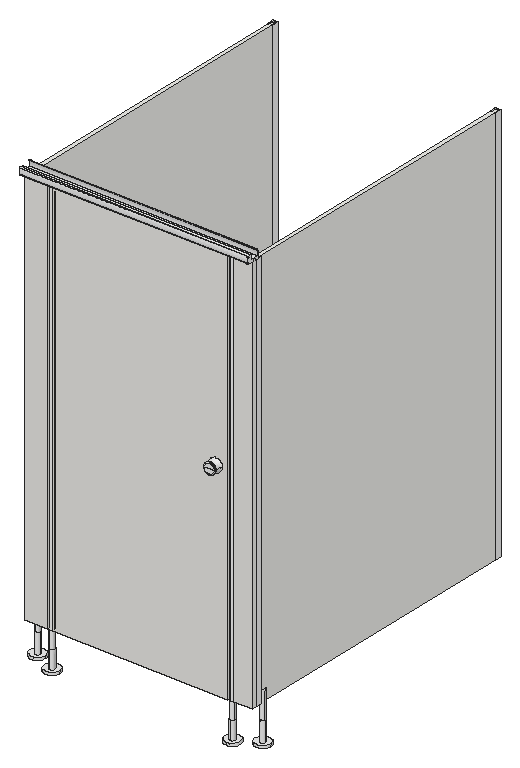
Revit family "Alsanit - Kabiny sanitarne AQUARI - LPW", category Doors, Revit 2020 (continued)
Definition of nested family "front"
  Dimensions and locks
    aligned and locked: plane 5 to Sweep 21 sketch curve
    aligned and locked: plane 22 to Sweep 21 sketch curve
    aligned and locked: Sweep 21 sketch curve to plane 20
    aligned and locked: curve 1 to Sweep 21 sketch curve
    aligned and locked: plane 21 to Sweep 16 sketch curve
    aligned and locked: Sweep 10 sketch curve to plane 22
    aligned and locked: Sweep 13 sketch curve to plane 22
    aligned and locked: plane 22 to Sweep 14 sketch curve
    aligned and locked: plane 23 to Sweep 11 sketch curve
    aligned and locked: Sweep 12 sketch curve to plane 23
    aligned and locked: Sweep 15 sketch curve to plane 23
    aligned and locked: Revolve 3 sketch curve to plane 28
    aligned and locked: plane 27 to Sweep 22 sketch curve
    aligned and locked: plane 28 to Sweep 22 sketch curve
    aligned and locked: plane 29 to SweptBlend 23 sketch curve
    aligned and locked: plane 27 to SweptBlend 23 sketch curve
  Automatic sketch dimensions
    Extrusion 5 sketch curve to plane 3 "Center (Left/Right)" = 0.00 mm
    Extrusion 5 sketch curve to plane 3 "Center (Left/Right)" = 9.496 mm
    Extrusion 5 sketch curve to Extrusion 5 sketch curve = 4.01 mm  (x2)
    plane 3 "Center (Left/Right)" to Extrusion 5 sketch curve = 9.496 mm
    Extrusion 5 sketch curve to plane 6 = 252.608 mm
    Extrusion 5 sketch curve to Extrusion 5 sketch curve = 5.253 mm  (x2)
    Extrusion 5 sketch curve to Extrusion 5 sketch curve = 8.198 mm  (x2)
    Extrusion 5 sketch curve to Extrusion 5 sketch curve = 9.245 mm
    Extrusion 5 sketch curve to Extrusion 5 sketch curve = 0.00 mm
    Extrusion 6 sketch curve to plane 6 = 252.608 mm
    Extrusion 6 sketch curve to Extrusion 6 sketch curve = 3.724 mm
    Extrusion 6 sketch curve to Extrusion 6 sketch curve = 6.458 mm
    Extrusion 6 sketch curve to Extrusion 6 sketch curve = 7.301 mm
    Extrusion 6 sketch curve to Extrusion 6 sketch curve = 3.101 mm
    Extrusion 6 sketch curve to Extrusion 6 sketch curve = 10.258 mm
    Extrusion 6 sketch curve to Extrusion 6 sketch curve = 4.27 mm
    Extrusion 6 sketch curve to Extrusion 6 sketch curve = 5.269 mm
    Extrusion 6 sketch curve to Extrusion 6 sketch curve = 11.338 mm
    Extrusion 6 sketch curve to Extrusion 6 sketch curve = 0.173 mm
    Extrusion 6 sketch curve to Extrusion 6 sketch curve = 3.03 mm
    Extrusion 6 sketch curve to Extrusion 6 sketch curve = 7.018 mm
    Extrusion 6 sketch curve to Extrusion 6 sketch curve = 44.934 mm
    Extrusion 6 sketch curve to Extrusion 6 sketch curve = 0.00 mm  (x3)
    Extrusion 7 sketch curve to plane 6 = 252.608 mm
    Extrusion 7 sketch curve to Extrusion 7 sketch curve = 3.724 mm
    Extrusion 7 sketch curve to Extrusion 7 sketch curve = 6.458 mm
    Extrusion 7 sketch curve to Extrusion 7 sketch curve = 7.301 mm
    Extrusion 7 sketch curve to Extrusion 7 sketch curve = 3.101 mm
    Extrusion 7 sketch curve to Extrusion 7 sketch curve = 10.258 mm
    Extrusion 7 sketch curve to Extrusion 7 sketch curve = 4.27 mm
    Extrusion 7 sketch curve to Extrusion 7 sketch curve = 5.269 mm
    Extrusion 7 sketch curve to Extrusion 7 sketch curve = 11.338 mm
    Extrusion 7 sketch curve to Extrusion 7 sketch curve = 0.173 mm
    Extrusion 7 sketch curve to Extrusion 7 sketch curve = 3.03 mm
    Extrusion 7 sketch curve to Extrusion 7 sketch curve = 7.018 mm
    Extrusion 7 sketch curve to Extrusion 7 sketch curve = 44.934 mm
    Extrusion 7 sketch curve to Extrusion 7 sketch curve = 0.00 mm  (x3)
    plane 1 "Center (Front/Back)" to Sweep 1 sketch curve = 0.00 mm
    plane 8 to Sweep 8 sketch curve = 5.26 mm
    Sweep 9 sketch curve to plane 7 = 0.274 mm
    Sweep 16 sketch curve to plane 23 = 0.00 mm
    profile plane to Sweep 16 sketch curve = 4.547 mm
    Sweep 17 sketch curve to profile plane = 2.00 mm
    Sweep 17 sketch curve to profile plane = 8.369 mm
    Sweep 17 sketch curve to Sweep 17 sketch curve = 25.273 mm
    Sweep 20 sketch curve to Sweep 20 sketch curve = 2.00 mm
    Sweep 20 sketch curve to Sweep 20 sketch curve = 31.642 mm
    Sweep 19 sketch curve to Sweep 19 sketch curve = 6.729 mm
    Revolve 2 sketch curve to plane 9 = 0.00 mm  (x2)
    Revolve 2 sketch curve to plane 4 = 0.00 mm
    plane 23 to Revolve 2 sketch curve = 5.153 mm
    Revolve 2 sketch curve to plane 10 = 16.186 mm
    Revolve 2 sketch curve to plane 10 = 24.00 mm
    Revolve 2 sketch curve to Revolve 2 sketch curve = 25.00 mm  (x2)
    Revolve 2 sketch curve to Revolve 2 sketch curve = 10.00 mm
    Revolve 3 sketch curve to plane 9 = 0.00 mm  (x3)
    plane 1 "Center (Front/Back)" to Revolve 3 sketch curve = 0.00 mm
    plane 9 to Revolve 3 sketch curve = 23.50 mm
    Revolve 3 sketch curve to Revolve 3 sketch curve = 1.50 mm
    Revolve 3 sketch curve to plane 12 = 2.881 mm
    Revolve 3 sketch curve to plane 7 = 22.143 mm
    Revolve 3 sketch curve to plane 10 = 24.00 mm
    Revolve 3 sketch curve to Revolve 3 sketch curve = 3.50 mm
    Revolve 3 sketch curve to Revolve 3 sketch curve = 4.976 mm
    Revolve 3 sketch curve to Revolve 3 sketch curve = 20.00 mm
    Revolve 3 sketch curve to Revolve 3 sketch curve = 10.00 mm
    Sweep 22 sketch curve to plane 9 = 0.00 mm
    Sweep 4 sketch curve to profile plane = 0.00 mm  (x2)
    profile plane to Sweep 4 sketch curve = 26.00 mm
    profile plane to Sweep 4 sketch curve = 16.877 mm
    Sweep 4 sketch curve to profile plane = 57.00 mm
    Sweep 4 sketch curve to profile plane = 9.00 mm
    SweptBlend 23 sketch curve to plane 9 = 0.00 mm
    profile plane to SweptBlend 23 sketch curve = 60.398 mm
    SweptBlend 23 sketch curve to SweptBlend 23 sketch curve = 0.00 mm  (x3)
    SweptBlend 23 sketch curve to SweptBlend 23 sketch curve = 0.105 mm
    SweptBlend 23 sketch curve to profile plane = 8.41 mm
    level to SweptBlend 23 sketch curve = 1108.003 mm
    SweptBlend 23 sketch curve to SweptBlend 23 sketch curve = 1.997 mm
    SweptBlend 23 sketch curve to SweptBlend 23 sketch curve = 0.293 mm  (x2)
    SweptBlend 23 sketch curve to SweptBlend 23 sketch curve = 5.588 mm
    profile plane to Sweep 22 sketch curve = 60.555 mm
    Sweep 22 sketch curve to Sweep 22 sketch curve = 0.00 mm
    Sweep 22 sketch curve to Sweep 22 sketch curve = 0.262 mm
    Sweep 22 sketch curve to profile plane = 7.195 mm  (x2)
    Sweep 22 sketch curve to profile plane = 7.643 mm
    level to Sweep 22 sketch curve = 1101.456 mm
    Sweep 22 sketch curve to Sweep 22 sketch curve = 3.551 mm
    Sweep 22 sketch curve to Sweep 22 sketch curve = 8.544 mm
    Sweep 22 sketch curve to Sweep 22 sketch curve = 4.993 mm
    profile plane to SweptBlend 23 sketch curve = 60.555 mm
    SweptBlend 23 sketch curve to SweptBlend 23 sketch curve = 0.262 mm
    SweptBlend 23 sketch curve to profile plane = 7.195 mm  (x2)
    level to SweptBlend 23 sketch curve = 1101.456 mm
    SweptBlend 23 sketch curve to SweptBlend 23 sketch curve = 4.993 mm
    SweptBlend 23 sketch curve to SweptBlend 23 sketch curve = 3.551 mm
    SweptBlend 23 sketch curve to SweptBlend 23 sketch curve = 17.088 mm
    SweptBlend 23 sketch curve to profile plane = 7.643 mm
    Sweep 8 sketch curve to Sweep 8 sketch curve = 0.00 mm  (x2)
    plane 1 "Center (Front/Back)" to Sweep 8 sketch curve = 0.00 mm  (x2)
    Sweep 8 sketch curve to profile plane = 6.24 mm
    radius of Sweep 15 sketch curve = 35.00 mm
    radius of Sweep 14 sketch curve = 35.00 mm
